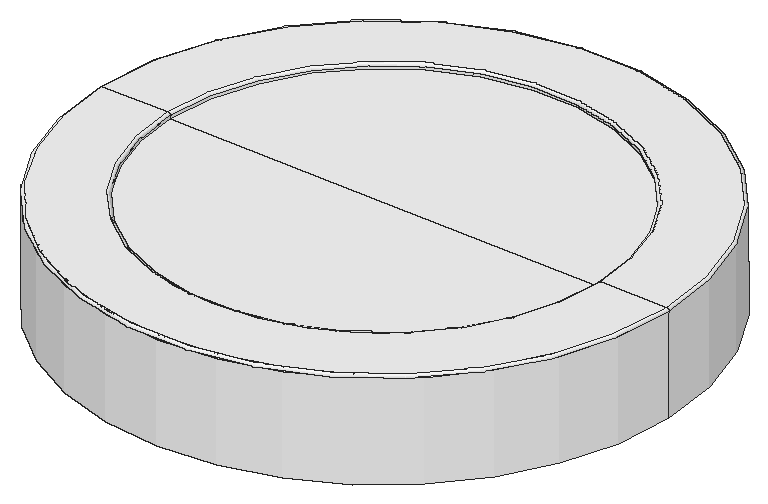
Revit family "0053906", category Lighting Fixtures, host Face, Revit 2016
Family settings
  Host = Face
  Part Type = Normal
  Round Connector Dimension = Use Diameter
  OmniClass Number = 23.80.70.00
  OmniClass Title = Lighting
  Cut with Voids When Loaded = No
  Light Source = Yes
  Shared = No
  Room Calculation Point = No
Parameters (values of type "0053906 ST eco Downlight Flat 226 2075lm 840 DIM S")
  Width_FEILO = 226 mm
  WidthDiffuser_FEILO = if(Square_FEILO, 168 mm, Width_FEILO / 1.3294)  # 170 mm
  Weight = "6.75 kg"
  Wattage Comments = ""
  Wattage = 20 W
  WarrantyStartDate [instance] = "n/a"
  WarrantyGuarantorParts = "n/a"
  WarrantyDurationUnit = "n/a"
  WarrantyDurationParts = "n/a"
  WarrantyDescription = "n/a"
  built-in parameter 1150110 = 1 (stored number, unit not read)
  Voltage = 230 V
  URL = "http://www.sylvania-lighting.com"
  TypeName = "ST eco Downlight Flat 226 2075lm 840 DIM S"
  Type Image = <None>
  Type Comments = "n/a"
  built-in parameter 1114217 = 1 (stored number, unit not read)
  Tilt Angle = -90.00°
  built-in parameter 1150109 = 1 (stored number, unit not read)
  built-in parameter 1150134 = 12
  built-in parameter 1150113 = 1 (stored number, unit not read)
  Square_FEILO = no
  SerialNumber [instance] = "n/a"
  Round_FEILO = not(Square_FEILO)  # yes
  RadiusSquare_FEILO = 10 mm
  RadiusDiffuser_FEILO = 7 mm
  Photometric Web File = "0053906.ies"
  Material_3_FEILO = none
  PowerFactor = 0.9
  PowerConsumption = "20 W"
  NominalLength = 226 mm
  NominalHeight = 39 mm
  NominalDepth = 226 mm
  Name = "ST eco Downlight Flat 226 2075lm 840 DIM S"
  ModelReference = Name  # "ST eco Downlight Flat 226 2075lm 840 DIM S"
  ModelNumber = "0053906"
  Model = Name  # "ST eco Downlight Flat 226 2075lm 840 DIM S"
  Material = "aluminium housing, polystyrene diffuser"
  ManufacturerName = "Feilo Sylvania"
  Manufacturer = "Feilo Sylvania"
  LuminousEfficacy = "103.7 lm/W"
  built-in parameter 1150105 = 165.12 (stored number, unit not read)
  Lumens = 2075 lm
  LuminaireType = ""
  built-in parameter 1150115 = 1 (stored number, unit not read)
  LightOutputRatio = "n/a"
  built-in parameter 1150137 = (empty or 0)
  built-in parameter 1150139 = (empty or 0)
  LampsType = Lamp  # "LED"
  LampNominalLuminous = "2075 lm"
  LampMacAdamStep = "n/a"
  LampColourTemperature = "4000 K"
  LampColourRenderingIndex = "80"
  built-in parameter 1150112 = 1 (stored number, unit not read)
  built-in parameter 1150114 = 1 (stored number, unit not read)
  Lamp = "LED"
  Keynote = "16500"
  InstallationDate [instance] = "n/a"
  InputVoltage = "220-240V~"
  InputNominalFrequency = "50/60 Hz"
  built-in parameter 1150132 = (empty or 0)
  built-in parameter 1150102 = (empty or 0)
  built-in parameter 1150107 = 4000 (stored number, unit not read)
  built-in parameter 1150138 = (empty or 0)
  IngressProtection = "IP20"
  ImpactProtectionIndex = "IK06"
  built-in parameter 1150106 = 1.6512 (stored number, unit not read)
  IfcExportType = "IfcLightFixtureType"
  IfcExportAs = "IfcLightFixtureType"
  ExpectedLife = 50000
  Emit from Circle Diameter = WidthDiffuser_FEILO  # 170 mm
  Emit Shape Visible in Rendering = no
  ElectricShockClassification = "Class II"
  built-in parameter 1150104 = 9.6387 (stored number, unit not read)
  DurationUnit = "hours"
  DocumentationLiterature = "http://www.sylvania-lighting.com/product/en-int/products/0053906"
  DimmingControlOptions = "Dimmable"
  Material_2_FEILO = LED-Sylvania-SylflatSurface
  Dimming Lamp Color Temperature Shift = <None>
  Description = "Integrated LED surface mounted downlight providing 2220 fixture lumens at a wattage of 23W giving a high efficacy of 97lm/W. Fitting includes Leading/Trailing edge phase dimmable driver and has a round outer dimmension of of 226x226x39mm with an IP20 and IK02 rating providing uniform distribution with an Opal diffuser and 110° beam angle. Provided including a Loop in Loop out box and built with a white aluminium housing."
  Default Elevation = 1219.2 mm
  CreatedOn = "2/15/2018"
  CreatedBy = "aron.fodor@feilosylvania.com"
  Cost = 0
  Color Filter = 16777215
  built-in parameter 1114216 [instance] = (empty or 0)
  ClassificationValue = "EF_70_80"
  ClassificationName = "Uniclass2015"
  Material_1_FEILO = Body-Sylvania-SylflatSurface-White
  BarCode [instance] = "n/a"
  built-in parameter 1114218 = 1 (stored number, unit not read)
  built-in parameter 1150133 = 10 (stored number, unit not read)
  AssetType = "Fixed"
  AssetIdentifier [instance] = "n/a"
  Assembly Code = "D5020200"
  Apparent Load = 20 VA
  Material_4_FEILO = none
Reference planes
  plane 1 "Center (Front/Back)": y = 0
  plane 2: z = 0
  plane 3 "Center (Left/Right)": x = 0
  plane 4: x = 113
  plane 5: x = -113
  plane 6: y = 113
  plane 7: y = -113
  plane 8: x = -103
  plane 9: y = 103
  plane 10: x = 103
  plane 11: y = -103
  plane 12: y = 85
  plane 13: y = -85
  plane 14: x = 85
  plane 15: x = -85
  plane 16: x = -78
  plane 17: y = 78
  plane 18: x = 78
  plane 19: y = -78
  plane 20: z = 39
  plane 21: x = -112
  plane 22: z = 38
  plane 23: z = 37
  plane 24: x = -86
Forms (mm)
  Revolve 1, solid, material "Body-Sylvania-SylflatSurface-White" <- "Material_1_FEILO", visible <- "Round_FEILO"
    sketch origin (0, 0, 0) x (1, 0, 0) y (0, 0, 1)
      loop
        line (0, 0) -> (0, 37) -> (-85, 37) -> (-85, 38)
        arc (-85, 38) -> (-85.293, 38.707) -> (-86, 39) r 1
        line (-86, 39) -> (-112, 39)
        arc (-112, 39) -> (-112.707, 38.707) -> (-113, 38) r 1
        line (-113, 38) -> (-113, 0) -> (0, 0)
      axis (0, 39) -> (0, 0)
    angle from 360 to 0
  Extrusion 2, solid, material "Body-Sylvania-SylflatSurface-White" <- "Material_1_FEILO", visible <- "Square_FEILO"
    sketch origin (0, 0, 0) x (1, 0, 0) y (0, 1, 0)
      loop
        arc (-113, -103) -> (-110.071, -110.071) -> (-103, -113) r 10
        line (-103, -113) -> (103, -113)
        arc (103, -113) -> (110.071, -110.071) -> (113, -103) r 10
        line (113, -103) -> (113, 103)
        arc (113, 103) -> (110.071, 110.071) -> (103, 113) r 10
        line (103, 113) -> (-103, 113)
        arc (-103, 113) -> (-110.071, 110.071) -> (-113, 103) r 10
        line (-113, 103) -> (-113, -103)
      loop
        arc (-78, 85) -> (-82.95, 82.95) -> (-85, 78) r 7
        line (-85, 78) -> (-85, -78)
        arc (-85, -78) -> (-82.95, -82.95) -> (-78, -85) r 7
        line (-78, -85) -> (78, -85)
        arc (78, -85) -> (82.95, -82.95) -> (85, -78) r 7
        line (85, -78) -> (85, 78)
        arc (85, 78) -> (82.95, 82.95) -> (78, 85) r 7
        line (78, 85) -> (-78, 85)
    from 0 to 39
  Extrusion 3, solid, material "Body-Sylvania-SylflatSurface-White" <- "Material_1_FEILO", visible <- "Square_FEILO"
    sketch origin (0, 0, 0) x (1, 0, 0) y (0, 1, 0)
      loop
        arc (-78, 85) -> (-82.95, 82.95) -> (-85, 78) r 7
        line (-85, 78) -> (-85, -78)
        arc (-85, -78) -> (-82.95, -82.95) -> (-78, -85) r 7
        line (-78, -85) -> (78, -85)
        arc (78, -85) -> (82.95, -82.95) -> (85, -78) r 7
        line (85, -78) -> (85, 78)
        arc (85, 78) -> (82.95, 82.95) -> (78, 85) r 7
        line (78, 85) -> (-78, 85)
    from 0 to 37
Cuts and joins
  joined: Extrusion 2, Extrusion 3
Dimensions and locks
  equal spacing: plane 5, plane 3 "Center (Left/Right)", plane 4
  equal spacing: plane 7, plane 1 "Center (Front/Back)", plane 6
  "Width_FEILO": plane 7 to plane 6
  "Width_FEILO": plane 5 to plane 4
  equal spacing: plane 11, plane 1 "Center (Front/Back)", plane 9
  "RadiusSquare_FEILO": plane 9 to plane 6
  equal spacing: plane 8, plane 3 "Center (Left/Right)", plane 10
  "RadiusSquare_FEILO": plane 5 to plane 8
  equal spacing: plane 15, plane 3 "Center (Left/Right)", plane 14
  equal spacing: plane 13, plane 1 "Center (Front/Back)", plane 12
  "WidthDiffuser_FEILO": plane 13 to plane 12
  "WidthDiffuser_FEILO": plane 15 to plane 14
  equal spacing: plane 16, plane 3 "Center (Left/Right)", plane 18
  equal spacing: plane 19, plane 1 "Center (Front/Back)", plane 17
  "RadiusDiffuser_FEILO": plane 17 to plane 12
  "RadiusDiffuser_FEILO": plane 15 to plane 16
  locked: plane 20 to plane 2 at 39
  locked: plane 20 to plane 22 at 1
  locked: plane 21 to plane 5 at 1
  locked: plane 20 to plane 23 at 2
  locked: plane 15 to plane 24 at 1
  aligned and locked: plane 2 to host face
  aligned and locked: level to host face
  aligned and locked: Revolve 1 sketch curve to plane 3 "Center (Left/Right)"
  aligned and locked: Revolve 1 sketch curve to Revolve 1 sketch curve
  aligned and locked: Revolve 1 sketch curve to plane 20
  aligned and locked: Revolve 1 sketch curve to plane 5
  aligned and locked: Revolve 1 sketch curve to level
  aligned and locked: plane 23 to Revolve 1 sketch curve
  aligned and locked: plane 21 to Revolve 1 sketch curve
  aligned and locked: plane 20 to Revolve 1 sketch curve
  aligned and locked: plane 22 to Revolve 1 sketch curve  (x2)
  aligned and locked: plane 15 to Revolve 1 sketch curve
  aligned and locked: plane 24 to Revolve 1 sketch curve
  aligned and locked: plane 11 to Extrusion 2 sketch curve  (x3)
  aligned and locked: plane 5 to Extrusion 2 sketch curve  (x2)
  aligned and locked: plane 8 to Extrusion 2 sketch curve  (x4)
  aligned and locked: plane 7 to Extrusion 2 sketch curve
  aligned and locked: plane 4 to Extrusion 2 sketch curve  (x2)
  aligned and locked: plane 10 to Extrusion 2 sketch curve  (x4)
  aligned and locked: Extrusion 2 sketch curve to plane 6
  aligned and locked: plane 9 to Extrusion 2 sketch curve  (x3)
  aligned and locked: Extrusion 2 to level
  aligned and locked: Extrusion 2 to plane 20
  aligned and locked: plane 16 to Extrusion 2 sketch curve  (x3)
  aligned and locked: plane 12 to Extrusion 2 sketch curve  (x2)
  aligned and locked: plane 14 to Extrusion 2 sketch curve
  aligned and locked: plane 15 to Extrusion 2 sketch curve
  aligned and locked: plane 18 to Extrusion 2 sketch curve  (x4)
  aligned and locked: plane 17 to Extrusion 2 sketch curve  (x4)
  aligned and locked: plane 19 to Extrusion 2 sketch curve  (x4)
  aligned and locked: plane 13 to Extrusion 2 sketch curve
  aligned and locked: Extrusion 3 sketch curve to Extrusion 2  (x4)
  aligned and locked: Extrusion 3 to level
  aligned and locked: Extrusion 3 to plane 23
  aligned and locked: plane 3 "Center (Left/Right)" to imposter light
  aligned and locked: imposter light to plane 1 "Center (Front/Back)"
  aligned and locked: imposter light to plane 23
Automatic sketch dimensions
  host sketch curve to host sketch curve = 2438.4 mm  (x2)
  Revolve 1 sketch curve to plane 3 "Center (Left/Right)" = 0 mm
  Revolve 1 sketch curve to level = 609.6 mm
  Revolve 1 sketch curve to plane 20 = 2570.058 mm
Connectors
  electrical at (0, 0, 0), driven by "Apparent Load", driven by "PowerFactor", driven by "Voltage"
    settings: index 1, voltage 230 V, apparent load 20 VA, apparent load phase1 0 VA, apparent load phase2 0 VA, apparent load phase3 0 VA, power factor 0.9, load classification "Lighting", number of poles 1, system type 30, power factor state 1, is connector primary yes, connector utility no, sub classification motor no, connector description ""
